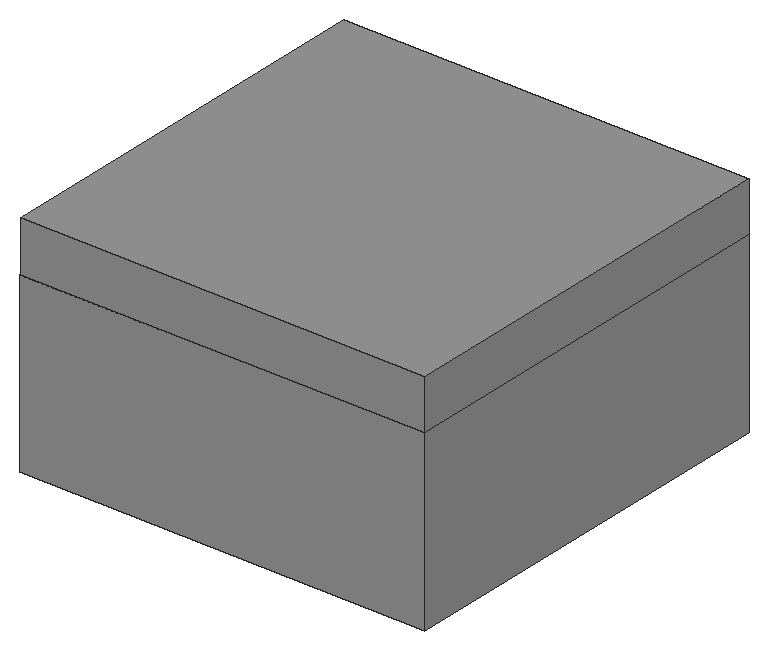
Revit family "aluminiumleergehäuse-Mx 161609SGR", category Generic Models, Revit 2017
Family settings
  Can host rebar = No
  Round Connector Dimension = Use Diameter
  Part Type = Normal
  Work Plane-Based = No
  Always vertical = Yes
  Cut with Voids When Loaded = No
  Shared = No
  Room Calculation Point = No
Parameters (values of type "Mx 161609 SGR")
  Width = 160 mm
  URL = "http://www.obo-bettermann.com"
  Material = Aluminiumdruckguss
  Manufacturer Art.No. = "2011320"
  Manufacturer = "OBO BETTERMANN"
  Length = 160 mm
  Height = 90 mm
  GTIN = "4012196030835"
  Article Type = "Mx 161609 SGR"
Reference planes
  plane 1 "Center (Front/Back)": y = 0
  plane 2: z = 0
  plane 3 "Center (Left/Right)": x = 0
  plane 4: z = 70
  plane 5: z = 90
Forms (mm)
  Extrusion 1, solid, material "Aluminiumdruckguss" <- "Material"
    sketch origin (0, 0, 0) x (1, 0, 0) y (0, 1, 0)
      loop
        line (0, 0) -> (160, 0) -> (160, 160) -> (0, 160) -> (0, 0)
    from 0 to 70
  Extrusion 2, solid, material "Aluminiumdruckguss" <- "Material"
    sketch origin (0, 0, 0) x (1, 0, 0) y (0, 1, 0)
      loop
        line (0, 160) -> (0, 0) -> (160, 0) -> (160, 160) -> (0, 160)
    from 70 to 90
Dimensions and locks
  locked: Extrusion 1 sketch curve to Extrusion 1 sketch curve at 160  (x2)
  locked: plane 4 to level at 70
  locked: Extrusion 1 to Extrusion 1 at 160  (x2)
  locked: Extrusion 2 to Extrusion 1 at 90
  aligned and locked: level to plane 2
  aligned and locked: plane 1 "Center (Front/Back)" to Extrusion 1
  aligned and locked: Extrusion 1 to plane 3 "Center (Left/Right)"
  aligned and locked: plane 4 to Extrusion 1
  aligned and locked: plane 1 "Center (Front/Back)" to Extrusion 2
  aligned and locked: Extrusion 2 to plane 3 "Center (Left/Right)"
  aligned and locked: Extrusion 2 to Extrusion 1  (x3)
  aligned and locked: plane 5 to Extrusion 2
